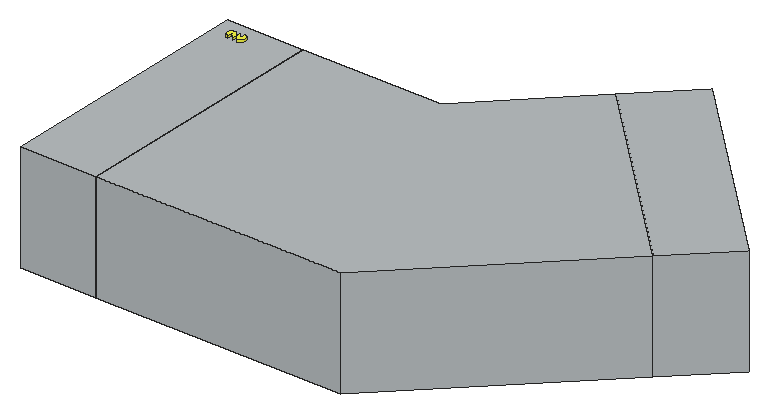
Revit family "NLRS_57_DUF_UN_instortkanaal-haakse-bocht-45_LT_velu", category Duct Fittings, Revit 2020
Family settings
  Round Connector Dimension = Use Diameter
  Part Type = Elbow
  Work Plane-Based = No
  Always vertical = Yes
  Cut with Voids When Loaded = No
  Shared = No
Parameters (values of type "Bocht 45 haaks")
  VELU_c01_hoogte [instance] = if(NLRS_M_c01_hoogte > 70.00 mm, 80.00 mm, 70.00 mm)  # 70.00 mm
  VELU_c01_breedte [instance] = if(VELU_c01_hoogte = 70.00 mm, 170.00 mm, if(NLRS_M_c01_breedte > 220.00 mm, 250.00 mm, if(NLRS_M_c01_breedte > 200.00 mm, 220.00 mm, if(NLRS_M_c01_breedte > 170.00 mm, 200.00 mm, 170.00 mm))))  # 170.00 mm
  VELU_Werkendelengte [instance] = VELU_Bochtlengte * 2  # 254.00 mm
  VELU_Show_Warning [instance] = not(VELU_Correcte_Maatvoering)  # no
  VELU_Model [instance] = size_lookup(VELU_Article_Data, "Model", "NB", VELU_c01_breedte, VELU_c01_hoogte)  # "VIK Bocht haaks 170 x 70 45"
  VELU_Koppelbus_Li1 [instance] = size_lookup(VELU_Article_Data, "Li1", 50.00 mm, VELU_c01_breedte, VELU_c01_hoogte)  # 50.00 mm
  VELU_Gewicht [instance] = size_lookup(VELU_Article_Data, "kg", 0, VELU_c01_breedte, VELU_c01_hoogte) * 1.00 kg / 100  # 0.95 kg
  VELU_Foutmelding [instance] = if(VELU_Show_Warning, "Ongeldige (instort) maatvoering!", " ")  # " "
  VELU_Correcte_Maatvoering [instance] = (and(NLRS_M_c01_breedte = VELU_c01_breedte, NLRS_M_c01_hoogte = VELU_c01_hoogte))  # yes
  VELU_Bochtlengte [instance] = size_lookup(VELU_Article_Data, "L", 160.00 mm, VELU_c01_breedte, VELU_c01_hoogte)  # 127.00 mm
  VELU_Bim-site [instance] = "https://velu.nl/bim/"
  VELU_Artikel_code [instance] = size_lookup(VELU_Article_Data, "", "NB", VELU_c01_breedte, VELU_c01_hoogte)  # "5110000026"
  VELU_Article_Data = "BochtHaaks"  # constant formula
  built-in parameter 1114242 [instance] = 1 = 0  # (empty or 0)
  URL = "https://webshop.velu.nl/overige-woningbouw-componenten/"
  Type Comments = "Enkel geschikt voor VELU instort kanaal maten"  # constant formula
  NLRS_M_c01_hoogte [instance] = 70.00 mm
  NLRS_M_c01_breedte [instance] = 170.00 mm
  NLRS_C_model [instance] = VELU_Model  # "VIK Bocht haaks 170 x 70 45"
  NLRS_C_hoek = 45.00°  # constant formula
  NLRS_C_description = Description  # "Velu instort kanaal: haakse bocht 45"
  NLRS_C_content_versie = "3.20.01"  # constant formula
  NLRS_C_content_provider = "Velu Klimaattechnische Groothandel"  # constant formula
  NLRS_C_content_datum_gewijzigd = "20-01-2023"  # constant formula
  NLRS_C_content_creator = "J. Feeke"  # constant formula
  Model = "VIK Bocht Haaks"  # constant formula
  Manufacturer = "Velu Klimaattechnische Groothandel"  # constant formula
  Description = "Velu instort kanaal: haakse bocht 45"  # constant formula
  Default Elevation = 0.00 mm
  Assembly Code = "57.00"
Reference planes
  plane 1 "Center (Front/Back)": y = 0
  plane 2: z = 0
  plane 3 "Center (Left/Right)": x = 0
  plane 4: y = 85
  plane 5: y = -85
  plane 6: y = 86
  plane 7: y = -86
  plane 8: z = 35
  plane 9: z = -35
  plane 10: z = 36
  plane 11: z = -36
  plane 12: x = -50
  plane 13: x = 127
Forms (mm)
  Extrusion 1, solid, material "VELU_Label", not visible
    sketch origin (-547.644, -297.937, 0) x (1, 0, 0) y (0, 1, 0)
      loop
        arc (546.644, 298.937) -> (545.644, 297.937) -> (546.644, 296.937) r 1
        line (546.644, 296.937) -> (546.644, 297.937) -> (547.644, 296.937) -> (547.644, 297.937) -> (546.644, 298.937)
    from 0 to 1
  Extrusion 2, solid, material "VELU_Label", not visible
    sketch origin (0, 0, 0) x (1, 0, 0) y (0, 1, 0)
      loop
        arc (1, -1) -> (2, 0) -> (1, 1) r 1
        line (1, 1) -> (1, 0) -> (0, 1) -> (0, 0) -> (1, -1)
    from 0 to 1
  Sweep 3, solid, material "NLRS_57_sendzimir verzinkt_gen_sacs", detail levels medium+fine
    path in 3D
      loop
        line (216.803, 89.803, 0) -> (127, 0, 0) -> (0, 0, 0)
    profile "Body_rect : Body_rect" origin (63.5, 0, 0) x (0, -1, 0) y (0, 0, 1)
      loop
        line (-86, 36) -> (-86, -36) -> (86, -36) -> (86, 36) -> (-86, 36)
  Sweep 4, solid, material "NLRS_57_sendzimir verzinkt_gen_sacs", detail levels medium+fine
    path in 3D
      loop
        line (0, 86, 36) -> (0, 86, -36) -> (0, -86, -36) -> (0, -86, 36) -> (0, 86, 36)
    profile "mof : mof" origin (0, 0, 36) x (-1, 0, 0) y (0, 0, 1)
      loop
        line (0, 0) -> (0, -1) -> (50, -1) -> (50, 0) -> (0, 0)
  Sweep 5, solid, material "NLRS_57_sendzimir verzinkt_gen_sacs", detail levels medium+fine
    path in 3D
      loop
        line (277.614, 28.991, 36) -> (277.614, 28.991, -36) -> (155.991, 150.614, -36) -> (155.991, 150.614, 36) -> (277.614, 28.991, 36)
    profile "mof : mof" origin (216.803, 89.803, 36) x (0.707107, 0.707107, 0) y (0, 0, 1)
      loop
        line (0, 0) -> (0, -1) -> (50, -1) -> (50, 0) -> (0, 0)
Lines and regions (mm)
  model lines, detail levels coarse
    curve 1: line (127, 0, 0) -> (0, 0, 0)
    curve 2: line (127, 0, 0) -> (216.803, 89.803, 0)
  sketch lines
    curve 3: line (127, 0, 0) -> (0, 0, 0)
    curve 4: line (127, 0, 0) -> (216.803, 89.803, 0)
    curve 5: line (0, -86, 36) -> (0, 86, 36)
    curve 6: line (0, -86, -36) -> (0, -86, 36)
    curve 7: line (0, 86, -36) -> (0, -86, -36)
    curve 8: line (0, 86, 36) -> (0, 86, -36)
    curve 9: line (155.991, 150.614, 36) -> (277.614, 28.991, 36)
    curve 10: line (155.991, 150.614, -36) -> (155.991, 150.614, 36)
    curve 11: line (277.614, 28.991, -36) -> (155.991, 150.614, -36)
    curve 12: line (277.614, 28.991, 36) -> (277.614, 28.991, -36)
Dimensions and locks
  equal spacing: plane 4, plane 1 "Center (Front/Back)", plane 5
  "VELU_c01_breedte": plane 4 to plane 5
  locked: plane 5 to plane 7 at 1
  locked: plane 6 to plane 4 at 1
  equal spacing: plane 8, level, plane 9
  "VELU_c01_hoogte": plane 8 to plane 9
  locked: plane 9 to plane 11 at 1
  locked: plane 10 to plane 8 at 1
  "VELU_Koppelbus_Li1": plane 12 to plane 3 "Center (Left/Right)"
  locked: plane 12 to nested 1 at 15
  locked: plane 6 to nested 1 at 11.5
  "VELU_Bochtlengte": plane 3 "Center (Left/Right)" to plane 13
  "VELU_Bochtlengte": curve 2 to curve 2
  locked: plane 1 "Center (Front/Back)" to curve 2 (angle 45.00°)
  aligned and locked: level to plane 2
  aligned and locked: nested 1 to plane 10
  aligned and locked: plane 13 to curve 1
  aligned and locked: curve 1 to plane 1 "Center (Front/Back)"
Automatic sketch dimensions
  plane 1 "Center (Front/Back)" to Extrusion 1 sketch curve = 0.00 mm  (x3)
  Extrusion 1 sketch curve to plane 3 "Center (Left/Right)" = 0.00 mm
  Extrusion 1 sketch curve to plane 3 "Center (Left/Right)" = 1.00 mm
  Extrusion 1 sketch curve to Extrusion 1 sketch curve = 1.00 mm  (x2)
  plane 1 "Center (Front/Back)" to Extrusion 2 sketch curve = 0.00 mm  (x3)
  Extrusion 2 sketch curve to plane 3 "Center (Left/Right)" = 0.00 mm
  plane 3 "Center (Left/Right)" to Extrusion 2 sketch curve = 1.00 mm
  Extrusion 2 sketch curve to Extrusion 2 sketch curve = 1.00 mm
  Extrusion 2 sketch curve to Extrusion 2 sketch curve = 0.00 mm
  curve 1 to plane 3 "Center (Left/Right)" = 0.00 mm
Nested families
  nested 1: "logo_single" at (-35, 74.5, 36), type "logo_single", detail levels medium+fine
  nested 2: "Warning_R20" at (127, 0, 0), visible <- "VELU_Show_Warning", type "Warning_R20"
Connectors
  hvac at (0, 0, 0), driven by "NLRS_M_c01_hoogte", driven by "NLRS_M_c01_breedte", driven by "NLRS_C_hoek"
    settings: on Sweep 3, index 1, duct flow 0.0 L/s, flow factor 0, pres drop 0.0 Pa, loss coef 0, conn angle 45.00°, conn width 170 mm, conn height 70 mm, conn diameter 609.6 mm, duct sys type 28, conn prof type 1, flow config 0, flow direction 0, loss method 0, conn ref index 2, conn util no, is conn primary yes, conn desc ""
  hvac at (216.803, 89.803, 0), driven by "NLRS_M_c01_hoogte", driven by "NLRS_M_c01_breedte", driven by "NLRS_C_hoek"
    settings: on Sweep 3, index 2, duct flow 0.0 L/s, flow factor 0, pres drop 0.0 Pa, loss coef 0, conn angle 45.00°, conn width 170 mm, conn height 70 mm, conn diameter 609.6 mm, duct sys type 28, conn prof type 1, flow config 0, flow direction 0, loss method 0, conn ref index 1, conn util no, is conn primary no, conn desc ""
Definition of nested family "logo_single"
  Parameters (values of type "logo_single")
    t = 3.00 mm
    Model = ""
    Description = ""
    Default Elevation = 0.00 mm
  Reference planes
    plane 1 "Center (Front/Back)": y = 0
    plane 2: z = 0
    plane 3 "Center (Left/Right)": x = 0
    plane 4: x = -6
    plane 5: y = -3
    plane 6: y = 3
    plane 7: x = -3
    plane 8: x = 3
    plane 9: x = 6
  Forms (mm)
    Extrusion 1, solid
      sketch origin (-547.644, -297.937, 0) x (1, 0, 0) y (0, 1, 0)
        loop
          arc (544.644, 300.937) -> (541.644, 297.937) -> (544.644, 294.937) r 3
          line (544.644, 294.937) -> (544.644, 297.937) -> (547.644, 294.937) -> (547.644, 297.937) -> (544.644, 300.937)
      from 0 to 1
    Extrusion 2, solid
      sketch origin (0, 0, 0) x (1, 0, 0) y (0, 1, 0)
        loop
          arc (3, -3) -> (6, 0) -> (3, 3) r 3
          line (3, 3) -> (3, 0) -> (0, 3) -> (0, 0) -> (3, -3)
      from 0 to 1
  Dimensions and locks
    "t": plane 6 to plane 1 "Center (Front/Back)"
    "t": plane 5 to plane 1 "Center (Front/Back)"
    "t": plane 4 to plane 7
    "t": plane 7 to plane 3 "Center (Left/Right)"
    "t": plane 3 "Center (Left/Right)" to plane 8
    "t": plane 8 to plane 9
    aligned and locked: level to plane 2
  Automatic sketch dimensions
    plane 1 "Center (Front/Back)" to Extrusion 1 sketch curve = 0.00 mm  (x3)
    Extrusion 1 sketch curve to plane 7 = 0.00 mm
    Extrusion 1 sketch curve to plane 6 = 0.00 mm
    Extrusion 1 sketch curve to plane 3 "Center (Left/Right)" = 0.00 mm
    Extrusion 1 sketch curve to plane 5 = 0.00 mm
    Extrusion 2 sketch curve to plane 3 "Center (Left/Right)" = 0.00 mm
    plane 1 "Center (Front/Back)" to Extrusion 2 sketch curve = 0.00 mm  (x3)
    Extrusion 2 sketch curve to plane 5 = 0.00 mm
    Extrusion 2 sketch curve to plane 8 = 0.00 mm
    Extrusion 2 sketch curve to plane 6 = 0.00 mm
Definition of nested family "Warning_R20"
  Parameters (values of type "Warning_R20")
    TW = 51.60 mm * Scale  # 51.60 mm
    TH = 75.00 mm * Scale  # 75.00 mm
    Scale = 1
    CO = 50.00 mm * Scale  # 50.00 mm
    CD = 50.00 mm * Scale  # 50.00 mm
    BW = 40.00 mm * Scale  # 40.00 mm
    BH = 12.00 mm * Scale  # 12.00 mm
  Reference planes
    plane 1 "Center (Front/Back)": y = 0
    plane 2: z = 0
    plane 3 "Center (Left/Right)": x = 0
  Lines and regions (mm)
    Filled region 1, type "Solid Fill - Black", in view "Ref. Level"
      outline origin (0, 0, 0) x (1, 0, 0) y (0, 1, 0)
        loop
          line (-25.8, 75) -> (-20, -12) -> (20, -12) -> (25.8, 75) -> (-25.8, 75)
        loop
          circle (0, -50) r 25
  Dimensions and locks
    equal spacing: Filled region 1 sketch curve, plane 3 "Center (Left/Right)", Filled region 1 sketch curve  (x2)
    "TH": plane 1 "Center (Front/Back)" to Filled region 1 sketch curve
    "BH": Filled region 1 sketch curve to plane 1 "Center (Front/Back)"
    "CO": Filled region 1 sketch curve to plane 1 "Center (Front/Back)"
    "TW": Filled region 1 sketch curve to Filled region 1 sketch curve
    "BW": Filled region 1 sketch curve to Filled region 1 sketch curve
    "CD": diameter of Filled region 1 sketch curve
    aligned and locked: plane 3 "Center (Left/Right)" to Filled region 1 sketch curve
